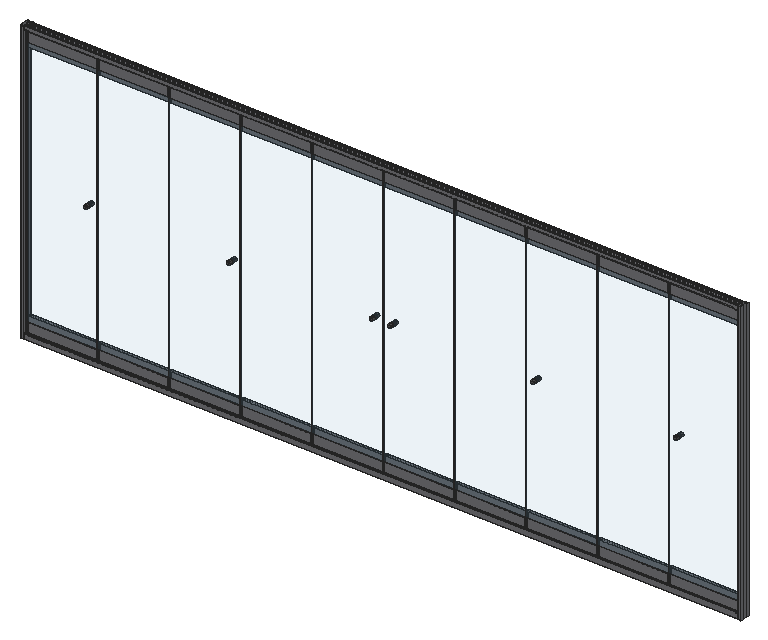
Revit family "QFL10 2380", category Doors, host Wall, Revit 2024
Family settings
  Host = Wall
  OmniClass Number = 23.30.10.00
  OmniClass Title = Doors
  Always vertical = Yes
  Cut with Voids When Loaded = No
  Shared = No
  Room Calculation Point = No
Parameters
  Function = Interior
  Frame Projection Ext. = 25 mm
  Frame Projection Int. = 25 mm
  Frame Width = 75 mm
  Height = 2383 mm
  Wall Closure = By host
  Width = 6118 mm
  Define Thermal Properties by = Schematic Type
  Analytic Construction = "<None>"
Reference planes
  plane 1: y = 0
  plane 2 "Center (Left/Right)": x = 0
  plane 3 "Left": x = -3059
  plane 4 "Right": x = 3059
  plane 5: z = 2383
  plane 6 "Exterior": y = 75
  plane 7 "Interior": y = -75
Forms (mm)
  Extrusion 1, solid, material "ALUMINIUM CHAR (TEST)"
    sketch origin (-0.37, 0, 0) x (1, 0, 0) y (0, 1, 0)
      loop
        line (3059.37, 37.5) -> (3029.37, 37.5) -> (3029.37, 34.4) -> (3030.37, 34.4) -> (3030.37, 35.9) -> (3031.87, 35.9) -> (3031.87, 28.3) -> (3030.37, 28.3) -> (3030.37, 29.8) -> (3029.37, 29.8) -> (3029.37, 1.2) -> (3030.37, 1.2) -> (3030.37, 2.7) -> (3031.87, 2.7) -> (3031.87, -4.9) -> (3030.37, -4.9) -> (3030.37, -3.4) -> (3029.37, -3.4) -> (3029.37, -13.1) -> (3025.37, -13.1) -> (3025.37, -11)
        arc (3025.37, -11) -> (3025.224, -10.646) -> (3024.87, -10.5) r 0.5
        line (3024.87, -10.5) -> (3022.12, -10.5) -> (3022.12, -11.5) -> (3023.72, -11.5) -> (3023.72, -13.1) -> (3016.02, -13.1) -> (3016.02, -11.5) -> (3017.62, -11.5) -> (3017.62, -10.5) -> (3014.87, -10.5)
        arc (3014.87, -10.5) -> (3014.517, -10.646) -> (3014.37, -11) r 0.5
        line (3014.37, -11) -> (3014.37, -14.4)
        arc (3014.37, -14.4) -> (3014.517, -14.754) -> (3014.87, -14.9) r 0.5
        line (3014.87, -14.9) -> (3029.37, -14.9) -> (3029.37, -37.5) -> (3059.37, -37.5) -> (3059.37, -22) -> (3057.87, -22) -> (3057.87, -24.5) -> (3054.87, -24.5) -> (3054.87, 24.5) -> (3057.87, 24.5) -> (3057.87, 22) -> (3059.37, 22) -> (3059.37, 37.5)
      loop
        line (3057.37, 26.3) -> (3057.37, 35.5) -> (3033.67, 35.5) -> (3033.67, 27.7)
        arc (3033.67, 27.7) -> (3033.377, 26.993) -> (3032.67, 26.7) r 1
        line (3032.67, 26.7) -> (3031.37, 26.7) -> (3031.37, 4.3) -> (3032.67, 4.3)
        arc (3032.67, 4.3) -> (3033.377, 4.007) -> (3033.67, 3.3) r 1
        line (3033.67, 3.3) -> (3033.67, -5.5)
        arc (3033.67, -5.5) -> (3033.377, -6.207) -> (3032.67, -6.5) r 1
        line (3032.67, -6.5) -> (3031.17, -6.5) -> (3031.17, -35.5) -> (3057.37, -35.5) -> (3057.37, -26.3) -> (3054.47, -26.3)
        arc (3054.47, -26.3) -> (3053.48, -25.89) -> (3053.07, -24.9) r 1.4
        line (3053.07, -24.9) -> (3053.07, 24.9)
        arc (3053.07, 24.9) -> (3053.48, 25.89) -> (3054.47, 26.3) r 1.4
        line (3054.47, 26.3) -> (3057.37, 26.3)
      loop
        line (-3058.63, 37.5) -> (-3058.63, 22) -> (-3057.13, 22) -> (-3057.13, 24.5) -> (-3054.13, 24.5) -> (-3054.13, -24.5) -> (-3057.13, -24.5) -> (-3057.13, -22) -> (-3058.63, -22) -> (-3058.63, -37.5) -> (-3028.63, -37.5) -> (-3028.63, -14.9) -> (-3014.13, -14.9)
        arc (-3014.13, -14.9) -> (-3013.776, -14.754) -> (-3013.63, -14.4) r 0.5
        line (-3013.63, -14.4) -> (-3013.63, -11)
        arc (-3013.63, -11) -> (-3013.776, -10.646) -> (-3014.13, -10.5) r 0.5
        line (-3014.13, -10.5) -> (-3016.88, -10.5) -> (-3016.88, -11.5) -> (-3015.28, -11.5) -> (-3015.28, -13.1) -> (-3022.98, -13.1) -> (-3022.98, -11.5) -> (-3021.38, -11.5) -> (-3021.38, -10.5) -> (-3024.13, -10.5)
        arc (-3024.13, -10.5) -> (-3024.483, -10.646) -> (-3024.63, -11) r 0.5
        line (-3024.63, -11) -> (-3024.63, -13.1) -> (-3028.63, -13.1) -> (-3028.63, -3.4) -> (-3029.63, -3.4) -> (-3029.63, -4.9) -> (-3031.13, -4.9) -> (-3031.13, 2.7) -> (-3029.63, 2.7) -> (-3029.63, 1.2) -> (-3028.63, 1.2) -> (-3028.63, 29.8) -> (-3029.63, 29.8) -> (-3029.63, 28.3) -> (-3031.13, 28.3) -> (-3031.13, 35.9) -> (-3029.63, 35.9) -> (-3029.63, 34.4) -> (-3028.63, 34.4) -> (-3028.63, 37.5) -> (-3058.63, 37.5)
      loop
        line (-3056.63, 26.3) -> (-3053.73, 26.3)
        arc (-3053.73, 26.3) -> (-3052.74, 25.89) -> (-3052.33, 24.9) r 1.4
        line (-3052.33, 24.9) -> (-3052.33, -24.9)
        arc (-3052.33, -24.9) -> (-3052.74, -25.89) -> (-3053.73, -26.3) r 1.4
        line (-3053.73, -26.3) -> (-3056.63, -26.3) -> (-3056.63, -35.5) -> (-3030.43, -35.5) -> (-3030.43, -6.5) -> (-3031.93, -6.5)
        arc (-3031.93, -6.5) -> (-3032.637, -6.207) -> (-3032.93, -5.5) r 1
        line (-3032.93, -5.5) -> (-3032.93, 3.3)
        arc (-3032.93, 3.3) -> (-3032.637, 4.007) -> (-3031.93, 4.3) r 1
        line (-3031.93, 4.3) -> (-3030.63, 4.3) -> (-3030.63, 26.7) -> (-3031.93, 26.7)
        arc (-3031.93, 26.7) -> (-3032.637, 26.993) -> (-3032.93, 27.7) r 1
        line (-3032.93, 27.7) -> (-3032.93, 35.5) -> (-3056.63, 35.5) -> (-3056.63, 26.3)
    from 0 to 2383
  Extrusion 2, solid, material "ALUMINIUM CHAR (TEST)"
    sketch origin (-943.37, 0, 0) x (0, -1, 0) y (0, 0, 1)
      loop
        line (-36.55, 18) -> (-36.55, 20.5) -> (-37.5, 20.5) -> (-37.5, 0) -> (-35.5, 0) -> (-35.5, 2) -> (-13.5, 2) -> (-13.5, 0) -> (-11.5, 0) -> (-11.5, 2) -> (10.5, 2) -> (10.5, 0) -> (12.5, 0) -> (12.5, 2) -> (35.5, 2) -> (35.5, 0) -> (37.5, 0) -> (37.5, 44.5)
        arc (37.5, 44.5) -> (37.354, 44.854) -> (37, 45) r 0.5
        line (37, 45) -> (32.199, 45) -> (31.492, 44.5) -> (26.524, 44.5) -> (25.817, 45) -> (22.199, 45) -> (21.492, 44.5) -> (16.524, 44.5) -> (15.817, 44.999) -> (11.001, 44.999)
        arc (11.001, 44.999) -> (10.648, 44.853) -> (10.502, 44.501) r 0.499
        line (10.502, 44.501) -> (10.502, 41.75) -> (11.5, 41.75) -> (11.5, 43.35) -> (13.1, 43.35) -> (13.1, 35.65) -> (11.5, 35.65) -> (11.5, 37.25) -> (10.5, 37.25) -> (10.5, 11.9)
        arc (10.5, 11.9) -> (10.061, 10.839) -> (9, 10.4) r 1.5
        line (9, 10.4) -> (3, 10.4)
        arc (3, 10.4) -> (1.939, 10.839) -> (1.5, 11.9) r 1.5
        line (1.5, 11.9) -> (1.5, 20)
        arc (1.5, 20) -> (0.851, 21.475) -> (-0.674, 21.992) r 2
        line (-0.674, 21.992) -> (-9.95, 20.504) -> (-9.95, 18) -> (-36.55, 18)
      loop
        line (10.5, 4.2) -> (10.5, 8.4) -> (3, 8.4)
        arc (3, 8.4) -> (0.525, 9.425) -> (-0.5, 11.9) r 3.5
        line (-0.5, 11.9) -> (-0.5, 20.057) -> (-7.95, 18.629) -> (-7.95, 16) -> (-35.5, 16) -> (-35.5, 4.2) -> (10.5, 4.2)
      loop
        line (12.5, 4.2) -> (35.5, 4.2) -> (35.5, 43) -> (15.1, 43) -> (15.1, 34) -> (12.5, 34) -> (12.5, 4.2)
      loop
        arc (-37.5, 2354) -> (-37.207, 2353.293) -> (-36.5, 2353) r 1
        line (-36.5, 2353) -> (-34.25, 2353) -> (-34.25, 2354) -> (-35.85, 2354) -> (-35.85, 2355.6) -> (-28.15, 2355.6) -> (-28.15, 2354) -> (-29.75, 2354) -> (-29.75, 2353) -> (-25.9, 2353)
        arc (-25.9, 2353) -> (-24.486, 2353.586) -> (-23.9, 2355) r 2
        line (-23.9, 2355) -> (-23.9, 2376.2)
        arc (-23.9, 2376.2) -> (-23.754, 2376.554) -> (-23.4, 2376.7) r 0.5
        line (-23.4, 2376.7) -> (-6.85, 2376.7) -> (-6.85, 2355)
        arc (-6.85, 2355) -> (-6.264, 2353.586) -> (-4.85, 2353) r 2
        line (-4.85, 2353) -> (13.1, 2353) -> (13.1, 2349) -> (11, 2349)
        arc (11, 2349) -> (10.646, 2348.854) -> (10.5, 2348.5) r 0.5
        line (10.5, 2348.5) -> (10.5, 2345.75) -> (11.5, 2345.75) -> (11.5, 2347.35) -> (13.1, 2347.35) -> (13.1, 2339.65) -> (11.5, 2339.65) -> (11.5, 2341.25) -> (10.5, 2341.25) -> (10.5, 2338.5)
        arc (10.5, 2338.5) -> (10.646, 2338.146) -> (11, 2338) r 0.5
        line (11, 2338) -> (14.4, 2338)
        arc (14.4, 2338) -> (14.754, 2338.146) -> (14.9, 2338.5) r 0.5
        line (14.9, 2338.5) -> (14.9, 2353) -> (36.5, 2353)
        arc (36.5, 2353) -> (37.207, 2353.293) -> (37.5, 2354) r 1
        line (37.5, 2354) -> (37.5, 2383) -> (22, 2383) -> (22, 2381.5) -> (24.5, 2381.5) -> (24.5, 2378.5) -> (-24.5, 2378.5) -> (-24.5, 2381.5) -> (-22, 2381.5) -> (-22, 2383) -> (-25.4, 2383)
        arc (-25.4, 2383) -> (-26.107, 2382.707) -> (-26.4, 2382) r 1
        line (-26.4, 2382) -> (-26.4, 2370.5)
        arc (-26.4, 2370.5) -> (-26.546, 2370.146) -> (-26.9, 2370) r 0.5
        line (-26.9, 2370) -> (-35, 2370)
        arc (-35, 2370) -> (-35.354, 2370.146) -> (-35.5, 2370.5) r 0.5
        line (-35.5, 2370.5) -> (-35.5, 2380.5)
        arc (-35.5, 2380.5) -> (-35.354, 2380.854) -> (-35, 2381) r 0.5
        line (-35, 2381) -> (-33.5, 2381) -> (-33.5, 2383) -> (-36.5, 2383)
        arc (-36.5, 2383) -> (-37.207, 2382.707) -> (-37.5, 2382) r 1
        line (-37.5, 2382) -> (-37.5, 2354)
      loop
        line (35.5, 2355) -> (35.5, 2381) -> (26.3, 2381) -> (26.3, 2378.1)
        arc (26.3, 2378.1) -> (25.89, 2377.11) -> (24.9, 2376.7) r 1.4
        line (24.9, 2376.7) -> (-4.85, 2376.7) -> (-4.85, 2355.5)
        arc (-4.85, 2355.5) -> (-4.704, 2355.146) -> (-4.35, 2355) r 0.5
        line (-4.35, 2355) -> (35.5, 2355)
      loop
        line (-26.4, 2357.2) -> (-26.4, 2367.5)
        arc (-26.4, 2367.5) -> (-26.546, 2367.854) -> (-26.9, 2368) r 0.5
        line (-26.9, 2368) -> (-35, 2368)
        arc (-35, 2368) -> (-35.354, 2367.854) -> (-35.5, 2367.5) r 0.5
        line (-35.5, 2367.5) -> (-35.5, 2357.2) -> (-26.4, 2357.2)
    from -3972.37 to 2085.63
  Extrusion 3, solid, material "ALUMINIUM CHAR (TEST)"
    sketch origin (597, 0, 0) x (0, -1, 0) y (0, 0, 1)
      loop
        line (10.504, 2344) -> (8.704, 2344) -> (8.704, 2342) -> (5.604, 2342) -> (5.604, 2340.4) -> (8.754, 2340.4) -> (8.754, 2328.033) -> (8.2, 2326.985) -> (8.2, 2324) -> (-31.196, 2324) -> (-31.196, 2326.92) -> (-31.705, 2327.883) -> (-31.705, 2340.4) -> (-28.596, 2340.4) -> (-28.596, 2342) -> (-31.696, 2342) -> (-31.696, 2344) -> (-33.496, 2344) -> (-33.496, 2219) -> (-23.496, 2209) -> (2.504, 2209) -> (2.504, 2254) -> (10.504, 2254) -> (10.504, 2344)
      loop
        line (8.714, 2256) -> (8.714, 2322.2) -> (-31.705, 2322.2) -> (-31.705, 2220.038) -> (-22.467, 2210.8) -> (0.504, 2210.8) -> (0.504, 2256) -> (8.714, 2256)
      loop
        line (10.504, 31) -> (10.504, 121) -> (2.504, 121) -> (2.504, 166) -> (-23.496, 166) -> (-33.496, 156) -> (-33.496, 31) -> (-31.696, 31) -> (-31.696, 33) -> (-28.596, 33) -> (-28.596, 34.6) -> (-31.705, 34.6) -> (-31.705, 47.117) -> (-31.196, 48.08) -> (-31.196, 51) -> (8.2, 51) -> (8.2, 48.015) -> (8.754, 46.967) -> (8.754, 34.6) -> (5.604, 34.6) -> (5.604, 33) -> (8.704, 33) -> (8.704, 31) -> (10.504, 31)
      loop
        line (8.714, 119) -> (0.504, 119) -> (0.504, 164.2) -> (-22.467, 164.2) -> (-31.705, 154.962) -> (-31.705, 52.8) -> (8.714, 52.8) -> (8.714, 119)
    from -1 to 589
  Extrusion 4, solid, material "ALUMINIUM CHAR (TEST)"
    sketch origin (598, 0, 0) x (0, -1, 0) y (0, 0, -1)
      loop
        line (-33.496, -156) -> (-23.496, -166) -> (2.504, -166) -> (2.504, -121) -> (10.504, -121) -> (10.504, -31) -> (5.604, -31) -> (5.604, -51) -> (-28.596, -51) -> (-28.596, -31) -> (-33.496, -31) -> (-33.496, -156)
      loop
        line (-33.496, -2344) -> (-28.596, -2344) -> (-28.596, -2324) -> (5.604, -2324) -> (5.604, -2344) -> (10.504, -2344) -> (10.504, -2254) -> (2.504, -2254) -> (2.504, -2209) -> (-23.496, -2209) -> (-33.496, -2219) -> (-33.496, -2344)
    from 0 to 5
  Extrusion 5, solid, material "ALUMINIUM CHAR (TEST)"
    sketch origin (8, 0, 0) x (0, -1, 0) y (0, 0, 1)
      loop
        line (-33.496, 156) -> (-33.496, 31) -> (-28.596, 31) -> (-28.596, 51) -> (5.604, 51) -> (5.604, 31) -> (10.504, 31) -> (10.504, 121) -> (2.504, 121) -> (2.504, 166) -> (-23.496, 166) -> (-33.496, 156)
      loop
        line (-33.496, 2344) -> (-33.496, 2219) -> (-23.496, 2209) -> (2.504, 2209) -> (2.504, 2254) -> (10.504, 2254) -> (10.504, 2344) -> (5.604, 2344) -> (5.604, 2324) -> (-28.596, 2324) -> (-28.596, 2344) -> (-33.496, 2344)
    from 0 to 5
  Extrusion 6, solid, material "ALUMINIUM CHAR (TEST)"
    sketch origin (1203, 0, 0) x (0, -1, 0) y (0, 0, 1)
      loop
        line (10.504, 2344) -> (8.704, 2344) -> (8.704, 2342) -> (5.604, 2342) -> (5.604, 2340.4) -> (8.754, 2340.4) -> (8.754, 2328.033) -> (8.2, 2326.985) -> (8.2, 2324) -> (-31.196, 2324) -> (-31.196, 2326.92) -> (-31.705, 2327.883) -> (-31.705, 2340.4) -> (-28.596, 2340.4) -> (-28.596, 2342) -> (-31.696, 2342) -> (-31.696, 2344) -> (-33.496, 2344) -> (-33.496, 2219) -> (-23.496, 2209) -> (2.504, 2209) -> (2.504, 2254) -> (10.504, 2254) -> (10.504, 2344)
      loop
        line (8.714, 2256) -> (8.714, 2322.2) -> (-31.705, 2322.2) -> (-31.705, 2220.038) -> (-22.467, 2210.8) -> (0.504, 2210.8) -> (0.504, 2256) -> (8.714, 2256)
      loop
        line (10.504, 31) -> (10.504, 121) -> (2.504, 121) -> (2.504, 166) -> (-23.496, 166) -> (-33.496, 156) -> (-33.496, 31) -> (-31.696, 31) -> (-31.696, 33) -> (-28.596, 33) -> (-28.596, 34.6) -> (-31.705, 34.6) -> (-31.705, 47.117) -> (-31.196, 48.08) -> (-31.196, 51) -> (8.2, 51) -> (8.2, 48.015) -> (8.754, 46.967) -> (8.754, 34.6) -> (5.604, 34.6) -> (5.604, 33) -> (8.704, 33) -> (8.704, 31) -> (10.504, 31)
      loop
        line (8.714, 119) -> (0.504, 119) -> (0.504, 164.2) -> (-22.467, 164.2) -> (-31.705, 154.962) -> (-31.705, 52.8) -> (8.714, 52.8) -> (8.714, 119)
    from -1 to 589
  Extrusion 7, solid, material "ALUMINIUM CHAR (TEST)"
    sketch origin (1204, 0, 0) x (0, -1, 0) y (0, 0, -1)
      loop
        line (-33.496, -156) -> (-23.496, -166) -> (2.504, -166) -> (2.504, -121) -> (10.504, -121) -> (10.504, -31) -> (5.604, -31) -> (5.604, -51) -> (-28.596, -51) -> (-28.596, -31) -> (-33.496, -31) -> (-33.496, -156)
      loop
        line (-33.496, -2344) -> (-28.596, -2344) -> (-28.596, -2324) -> (5.604, -2324) -> (5.604, -2344) -> (10.504, -2344) -> (10.504, -2254) -> (2.504, -2254) -> (2.504, -2209) -> (-23.496, -2209) -> (-33.496, -2219) -> (-33.496, -2344)
    from 0 to 5
  Extrusion 8, solid, material "ALUMINIUM CHAR (TEST)"
    sketch origin (614, 0, 0) x (0, -1, 0) y (0, 0, 1)
      loop
        line (-33.496, 156) -> (-33.496, 31) -> (-28.596, 31) -> (-28.596, 51) -> (5.604, 51) -> (5.604, 31) -> (10.504, 31) -> (10.504, 121) -> (2.504, 121) -> (2.504, 166) -> (-23.496, 166) -> (-33.496, 156)
      loop
        line (-33.496, 2344) -> (-33.496, 2219) -> (-23.496, 2209) -> (2.504, 2209) -> (2.504, 2254) -> (10.504, 2254) -> (10.504, 2344) -> (5.604, 2344) -> (5.604, 2324) -> (-28.596, 2324) -> (-28.596, 2344) -> (-33.496, 2344)
    from 0 to 5
  Extrusion 9, solid, material "ALUMINIUM CHAR (TEST)"
    sketch origin (1809, 0, 0) x (0, -1, 0) y (0, 0, 1)
      loop
        line (10.504, 2344) -> (8.704, 2344) -> (8.704, 2342) -> (5.604, 2342) -> (5.604, 2340.4) -> (8.754, 2340.4) -> (8.754, 2328.033) -> (8.2, 2326.985) -> (8.2, 2324) -> (-31.196, 2324) -> (-31.196, 2326.92) -> (-31.705, 2327.883) -> (-31.705, 2340.4) -> (-28.596, 2340.4) -> (-28.596, 2342) -> (-31.696, 2342) -> (-31.696, 2344) -> (-33.496, 2344) -> (-33.496, 2219) -> (-23.496, 2209) -> (2.504, 2209) -> (2.504, 2254) -> (10.504, 2254) -> (10.504, 2344)
      loop
        line (8.714, 2256) -> (8.714, 2322.2) -> (-31.705, 2322.2) -> (-31.705, 2220.038) -> (-22.467, 2210.8) -> (0.504, 2210.8) -> (0.504, 2256) -> (8.714, 2256)
      loop
        line (10.504, 31) -> (10.504, 121) -> (2.504, 121) -> (2.504, 166) -> (-23.496, 166) -> (-33.496, 156) -> (-33.496, 31) -> (-31.696, 31) -> (-31.696, 33) -> (-28.596, 33) -> (-28.596, 34.6) -> (-31.705, 34.6) -> (-31.705, 47.117) -> (-31.196, 48.08) -> (-31.196, 51) -> (8.2, 51) -> (8.2, 48.015) -> (8.754, 46.967) -> (8.754, 34.6) -> (5.604, 34.6) -> (5.604, 33) -> (8.704, 33) -> (8.704, 31) -> (10.504, 31)
      loop
        line (8.714, 119) -> (0.504, 119) -> (0.504, 164.2) -> (-22.467, 164.2) -> (-31.705, 154.962) -> (-31.705, 52.8) -> (8.714, 52.8) -> (8.714, 119)
    from -1 to 589
  Extrusion 10, solid, material "ALUMINIUM CHAR (TEST)"
    sketch origin (1810, 0, 0) x (0, -1, 0) y (0, 0, -1)
      loop
        line (-33.496, -156) -> (-23.496, -166) -> (2.504, -166) -> (2.504, -121) -> (10.504, -121) -> (10.504, -31) -> (5.604, -31) -> (5.604, -51) -> (-28.596, -51) -> (-28.596, -31) -> (-33.496, -31) -> (-33.496, -156)
      loop
        line (-33.496, -2344) -> (-28.596, -2344) -> (-28.596, -2324) -> (5.604, -2324) -> (5.604, -2344) -> (10.504, -2344) -> (10.504, -2254) -> (2.504, -2254) -> (2.504, -2209) -> (-23.496, -2209) -> (-33.496, -2219) -> (-33.496, -2344)
    from 0 to 5
  Extrusion 11, solid, material "ALUMINIUM CHAR (TEST)"
    sketch origin (1220, 0, 0) x (0, -1, 0) y (0, 0, 1)
      loop
        line (-33.496, 156) -> (-33.496, 31) -> (-28.596, 31) -> (-28.596, 51) -> (5.604, 51) -> (5.604, 31) -> (10.504, 31) -> (10.504, 121) -> (2.504, 121) -> (2.504, 166) -> (-23.496, 166) -> (-33.496, 156)
      loop
        line (-33.496, 2344) -> (-33.496, 2219) -> (-23.496, 2209) -> (2.504, 2209) -> (2.504, 2254) -> (10.504, 2254) -> (10.504, 2344) -> (5.604, 2344) -> (5.604, 2324) -> (-28.596, 2324) -> (-28.596, 2344) -> (-33.496, 2344)
    from 0 to 5
  Extrusion 12, solid, material "ALUMINIUM CHAR (TEST)"
    sketch origin (2415, 0, 0) x (0, -1, 0) y (0, 0, 1)
      loop
        line (10.504, 2344) -> (8.704, 2344) -> (8.704, 2342) -> (5.604, 2342) -> (5.604, 2340.4) -> (8.754, 2340.4) -> (8.754, 2328.033) -> (8.2, 2326.985) -> (8.2, 2324) -> (-31.196, 2324) -> (-31.196, 2326.92) -> (-31.705, 2327.883) -> (-31.705, 2340.4) -> (-28.596, 2340.4) -> (-28.596, 2342) -> (-31.696, 2342) -> (-31.696, 2344) -> (-33.496, 2344) -> (-33.496, 2219) -> (-23.496, 2209) -> (2.504, 2209) -> (2.504, 2254) -> (10.504, 2254) -> (10.504, 2344)
      loop
        line (8.714, 2256) -> (8.714, 2322.2) -> (-31.705, 2322.2) -> (-31.705, 2220.038) -> (-22.467, 2210.8) -> (0.504, 2210.8) -> (0.504, 2256) -> (8.714, 2256)
      loop
        line (10.504, 31) -> (10.504, 121) -> (2.504, 121) -> (2.504, 166) -> (-23.496, 166) -> (-33.496, 156) -> (-33.496, 31) -> (-31.696, 31) -> (-31.696, 33) -> (-28.596, 33) -> (-28.596, 34.6) -> (-31.705, 34.6) -> (-31.705, 47.117) -> (-31.196, 48.08) -> (-31.196, 51) -> (8.2, 51) -> (8.2, 48.015) -> (8.754, 46.967) -> (8.754, 34.6) -> (5.604, 34.6) -> (5.604, 33) -> (8.704, 33) -> (8.704, 31) -> (10.504, 31)
      loop
        line (8.714, 119) -> (0.504, 119) -> (0.504, 164.2) -> (-22.467, 164.2) -> (-31.705, 154.962) -> (-31.705, 52.8) -> (8.714, 52.8) -> (8.714, 119)
    from -1 to 589
  Extrusion 13, solid, material "ALUMINIUM CHAR (TEST)"
    sketch origin (2416, 0, 0) x (0, -1, 0) y (0, 0, -1)
      loop
        line (-33.496, -156) -> (-23.496, -166) -> (2.504, -166) -> (2.504, -121) -> (10.504, -121) -> (10.504, -31) -> (5.604, -31) -> (5.604, -51) -> (-28.596, -51) -> (-28.596, -31) -> (-33.496, -31) -> (-33.496, -156)
      loop
        line (-33.496, -2344) -> (-28.596, -2344) -> (-28.596, -2324) -> (5.604, -2324) -> (5.604, -2344) -> (10.504, -2344) -> (10.504, -2254) -> (2.504, -2254) -> (2.504, -2209) -> (-23.496, -2209) -> (-33.496, -2219) -> (-33.496, -2344)
    from 0 to 5
  Extrusion 14, solid, material "ALUMINIUM CHAR (TEST)"
    sketch origin (1826, 0, 0) x (0, -1, 0) y (0, 0, 1)
      loop
        line (-33.496, 156) -> (-33.496, 31) -> (-28.596, 31) -> (-28.596, 51) -> (5.604, 51) -> (5.604, 31) -> (10.504, 31) -> (10.504, 121) -> (2.504, 121) -> (2.504, 166) -> (-23.496, 166) -> (-33.496, 156)
      loop
        line (-33.496, 2344) -> (-33.496, 2219) -> (-23.496, 2209) -> (2.504, 2209) -> (2.504, 2254) -> (10.504, 2254) -> (10.504, 2344) -> (5.604, 2344) -> (5.604, 2324) -> (-28.596, 2324) -> (-28.596, 2344) -> (-33.496, 2344)
    from 0 to 5
  Extrusion 15, solid, material "ALUMINIUM CHAR (TEST)"
    sketch origin (-597, 0, 0) x (0, -1, 0) y (0, 0, -1)
      loop
        line (10.504, -2344) -> (10.504, -2254) -> (2.504, -2254) -> (2.504, -2209) -> (-23.496, -2209) -> (-33.496, -2219) -> (-33.496, -2344) -> (-31.696, -2344) -> (-31.696, -2342) -> (-28.596, -2342) -> (-28.596, -2340.4) -> (-31.705, -2340.4) -> (-31.705, -2327.883) -> (-31.196, -2326.92) -> (-31.196, -2324) -> (8.2, -2324) -> (8.2, -2326.985) -> (8.754, -2328.033) -> (8.754, -2340.4) -> (5.604, -2340.4) -> (5.604, -2342) -> (8.704, -2342) -> (8.704, -2344) -> (10.504, -2344)
      loop
        line (8.714, -2256) -> (0.504, -2256) -> (0.504, -2210.8) -> (-22.467, -2210.8) -> (-31.705, -2220.038) -> (-31.705, -2322.2) -> (8.714, -2322.2) -> (8.714, -2256)
      loop
        line (10.504, -31) -> (8.704, -31) -> (8.704, -33) -> (5.604, -33) -> (5.604, -34.6) -> (8.754, -34.6) -> (8.754, -46.967) -> (8.2, -48.015) -> (8.2, -51) -> (-31.196, -51) -> (-31.196, -48.08) -> (-31.705, -47.117) -> (-31.705, -34.6) -> (-28.596, -34.6) -> (-28.596, -33) -> (-31.696, -33) -> (-31.696, -31) -> (-33.496, -31) -> (-33.496, -156) -> (-23.496, -166) -> (2.504, -166) -> (2.504, -121) -> (10.504, -121) -> (10.504, -31)
      loop
        line (8.714, -119) -> (8.714, -52.8) -> (-31.705, -52.8) -> (-31.705, -154.962) -> (-22.467, -164.2) -> (0.504, -164.2) -> (0.504, -119) -> (8.714, -119)
    from -1 to 589
  Extrusion 16, solid, material "ALUMINIUM CHAR (TEST)"
    sketch origin (-598, 0, 0) x (0, -1, 0) y (0, 0, 1)
      loop
        line (-33.496, 156) -> (-33.496, 31) -> (-28.596, 31) -> (-28.596, 51) -> (5.604, 51) -> (5.604, 31) -> (10.504, 31) -> (10.504, 121) -> (2.504, 121) -> (2.504, 166) -> (-23.496, 166) -> (-33.496, 156)
      loop
        line (-33.496, 2344) -> (-33.496, 2219) -> (-23.496, 2209) -> (2.504, 2209) -> (2.504, 2254) -> (10.504, 2254) -> (10.504, 2344) -> (5.604, 2344) -> (5.604, 2324) -> (-28.596, 2324) -> (-28.596, 2344) -> (-33.496, 2344)
    from 0 to 5
  Extrusion 17, solid, material "ALUMINIUM CHAR (TEST)"
    sketch origin (-8, 0, 0) x (0, -1, 0) y (0, 0, -1)
      loop
        line (-33.496, -156) -> (-23.496, -166) -> (2.504, -166) -> (2.504, -121) -> (10.504, -121) -> (10.504, -31) -> (5.604, -31) -> (5.604, -51) -> (-28.596, -51) -> (-28.596, -31) -> (-33.496, -31) -> (-33.496, -156)
      loop
        line (-33.496, -2344) -> (-28.596, -2344) -> (-28.596, -2324) -> (5.604, -2324) -> (5.604, -2344) -> (10.504, -2344) -> (10.504, -2254) -> (2.504, -2254) -> (2.504, -2209) -> (-23.496, -2209) -> (-33.496, -2219) -> (-33.496, -2344)
    from 0 to 5
  Extrusion 18, solid, material "ALUMINIUM CHAR (TEST)"
    sketch origin (-1203, 0, 0) x (0, -1, 0) y (0, 0, -1)
      loop
        line (10.504, -2344) -> (10.504, -2254) -> (2.504, -2254) -> (2.504, -2209) -> (-23.496, -2209) -> (-33.496, -2219) -> (-33.496, -2344) -> (-31.696, -2344) -> (-31.696, -2342) -> (-28.596, -2342) -> (-28.596, -2340.4) -> (-31.705, -2340.4) -> (-31.705, -2327.883) -> (-31.196, -2326.92) -> (-31.196, -2324) -> (8.2, -2324) -> (8.2, -2326.985) -> (8.754, -2328.033) -> (8.754, -2340.4) -> (5.604, -2340.4) -> (5.604, -2342) -> (8.704, -2342) -> (8.704, -2344) -> (10.504, -2344)
      loop
        line (8.714, -2256) -> (0.504, -2256) -> (0.504, -2210.8) -> (-22.467, -2210.8) -> (-31.705, -2220.038) -> (-31.705, -2322.2) -> (8.714, -2322.2) -> (8.714, -2256)
      loop
        line (10.504, -31) -> (8.704, -31) -> (8.704, -33) -> (5.604, -33) -> (5.604, -34.6) -> (8.754, -34.6) -> (8.754, -46.967) -> (8.2, -48.015) -> (8.2, -51) -> (-31.196, -51) -> (-31.196, -48.08) -> (-31.705, -47.117) -> (-31.705, -34.6) -> (-28.596, -34.6) -> (-28.596, -33) -> (-31.696, -33) -> (-31.696, -31) -> (-33.496, -31) -> (-33.496, -156) -> (-23.496, -166) -> (2.504, -166) -> (2.504, -121) -> (10.504, -121) -> (10.504, -31)
      loop
        line (8.714, -119) -> (8.714, -52.8) -> (-31.705, -52.8) -> (-31.705, -154.962) -> (-22.467, -164.2) -> (0.504, -164.2) -> (0.504, -119) -> (8.714, -119)
    from -1 to 589
  Extrusion 19, solid, material "ALUMINIUM CHAR (TEST)"
    sketch origin (-1204, 0, 0) x (0, -1, 0) y (0, 0, 1)
      loop
        line (-33.496, 156) -> (-33.496, 31) -> (-28.596, 31) -> (-28.596, 51) -> (5.604, 51) -> (5.604, 31) -> (10.504, 31) -> (10.504, 121) -> (2.504, 121) -> (2.504, 166) -> (-23.496, 166) -> (-33.496, 156)
      loop
        line (-33.496, 2344) -> (-33.496, 2219) -> (-23.496, 2209) -> (2.504, 2209) -> (2.504, 2254) -> (10.504, 2254) -> (10.504, 2344) -> (5.604, 2344) -> (5.604, 2324) -> (-28.596, 2324) -> (-28.596, 2344) -> (-33.496, 2344)
    from 0 to 5
  Extrusion 20, solid, material "ALUMINIUM CHAR (TEST)"
    sketch origin (-614, 0, 0) x (0, -1, 0) y (0, 0, -1)
      loop
        line (-33.496, -156) -> (-23.496, -166) -> (2.504, -166) -> (2.504, -121) -> (10.504, -121) -> (10.504, -31) -> (5.604, -31) -> (5.604, -51) -> (-28.596, -51) -> (-28.596, -31) -> (-33.496, -31) -> (-33.496, -156)
      loop
        line (-33.496, -2344) -> (-28.596, -2344) -> (-28.596, -2324) -> (5.604, -2324) -> (5.604, -2344) -> (10.504, -2344) -> (10.504, -2254) -> (2.504, -2254) -> (2.504, -2209) -> (-23.496, -2209) -> (-33.496, -2219) -> (-33.496, -2344)
    from 0 to 5
  Extrusion 21, solid, material "ALUMINIUM CHAR (TEST)"
    sketch origin (-1809, 0, 0) x (0, -1, 0) y (0, 0, -1)
      loop
        line (10.504, -2344) -> (10.504, -2254) -> (2.504, -2254) -> (2.504, -2209) -> (-23.496, -2209) -> (-33.496, -2219) -> (-33.496, -2344) -> (-31.696, -2344) -> (-31.696, -2342) -> (-28.596, -2342) -> (-28.596, -2340.4) -> (-31.705, -2340.4) -> (-31.705, -2327.883) -> (-31.196, -2326.92) -> (-31.196, -2324) -> (8.2, -2324) -> (8.2, -2326.985) -> (8.754, -2328.033) -> (8.754, -2340.4) -> (5.604, -2340.4) -> (5.604, -2342) -> (8.704, -2342) -> (8.704, -2344) -> (10.504, -2344)
      loop
        line (8.714, -2256) -> (0.504, -2256) -> (0.504, -2210.8) -> (-22.467, -2210.8) -> (-31.705, -2220.038) -> (-31.705, -2322.2) -> (8.714, -2322.2) -> (8.714, -2256)
      loop
        line (10.504, -31) -> (8.704, -31) -> (8.704, -33) -> (5.604, -33) -> (5.604, -34.6) -> (8.754, -34.6) -> (8.754, -46.967) -> (8.2, -48.015) -> (8.2, -51) -> (-31.196, -51) -> (-31.196, -48.08) -> (-31.705, -47.117) -> (-31.705, -34.6) -> (-28.596, -34.6) -> (-28.596, -33) -> (-31.696, -33) -> (-31.696, -31) -> (-33.496, -31) -> (-33.496, -156) -> (-23.496, -166) -> (2.504, -166) -> (2.504, -121) -> (10.504, -121) -> (10.504, -31)
      loop
        line (8.714, -119) -> (8.714, -52.8) -> (-31.705, -52.8) -> (-31.705, -154.962) -> (-22.467, -164.2) -> (0.504, -164.2) -> (0.504, -119) -> (8.714, -119)
    from -1 to 589
  Extrusion 22, solid, material "ALUMINIUM CHAR (TEST)"
    sketch origin (-1810, 0, 0) x (0, -1, 0) y (0, 0, 1)
      loop
        line (-33.496, 156) -> (-33.496, 31) -> (-28.596, 31) -> (-28.596, 51) -> (5.604, 51) -> (5.604, 31) -> (10.504, 31) -> (10.504, 121) -> (2.504, 121) -> (2.504, 166) -> (-23.496, 166) -> (-33.496, 156)
      loop
        line (-33.496, 2344) -> (-33.496, 2219) -> (-23.496, 2209) -> (2.504, 2209) -> (2.504, 2254) -> (10.504, 2254) -> (10.504, 2344) -> (5.604, 2344) -> (5.604, 2324) -> (-28.596, 2324) -> (-28.596, 2344) -> (-33.496, 2344)
    from 0 to 5
  Extrusion 23, solid, material "ALUMINIUM CHAR (TEST)"
    sketch origin (-1220, 0, 0) x (0, -1, 0) y (0, 0, -1)
      loop
        line (-33.496, -156) -> (-23.496, -166) -> (2.504, -166) -> (2.504, -121) -> (10.504, -121) -> (10.504, -31) -> (5.604, -31) -> (5.604, -51) -> (-28.596, -51) -> (-28.596, -31) -> (-33.496, -31) -> (-33.496, -156)
      loop
        line (-33.496, -2344) -> (-28.596, -2344) -> (-28.596, -2324) -> (5.604, -2324) -> (5.604, -2344) -> (10.504, -2344) -> (10.504, -2254) -> (2.504, -2254) -> (2.504, -2209) -> (-23.496, -2209) -> (-33.496, -2219) -> (-33.496, -2344)
    from 0 to 5
  Extrusion 24, solid, material "ALUMINIUM CHAR (TEST)"
    sketch origin (-2415, 0, 0) x (0, -1, 0) y (0, 0, -1)
      loop
        line (10.504, -2344) -> (10.504, -2254) -> (2.504, -2254) -> (2.504, -2209) -> (-23.496, -2209) -> (-33.496, -2219) -> (-33.496, -2344) -> (-31.696, -2344) -> (-31.696, -2342) -> (-28.596, -2342) -> (-28.596, -2340.4) -> (-31.705, -2340.4) -> (-31.705, -2327.883) -> (-31.196, -2326.92) -> (-31.196, -2324) -> (8.2, -2324) -> (8.2, -2326.985) -> (8.754, -2328.033) -> (8.754, -2340.4) -> (5.604, -2340.4) -> (5.604, -2342) -> (8.704, -2342) -> (8.704, -2344) -> (10.504, -2344)
      loop
        line (8.714, -2256) -> (0.504, -2256) -> (0.504, -2210.8) -> (-22.467, -2210.8) -> (-31.705, -2220.038) -> (-31.705, -2322.2) -> (8.714, -2322.2) -> (8.714, -2256)
      loop
        line (10.504, -31) -> (8.704, -31) -> (8.704, -33) -> (5.604, -33) -> (5.604, -34.6) -> (8.754, -34.6) -> (8.754, -46.967) -> (8.2, -48.015) -> (8.2, -51) -> (-31.196, -51) -> (-31.196, -48.08) -> (-31.705, -47.117) -> (-31.705, -34.6) -> (-28.596, -34.6) -> (-28.596, -33) -> (-31.696, -33) -> (-31.696, -31) -> (-33.496, -31) -> (-33.496, -156) -> (-23.496, -166) -> (2.504, -166) -> (2.504, -121) -> (10.504, -121) -> (10.504, -31)
      loop
        line (8.714, -119) -> (8.714, -52.8) -> (-31.705, -52.8) -> (-31.705, -154.962) -> (-22.467, -164.2) -> (0.504, -164.2) -> (0.504, -119) -> (8.714, -119)
    from -1 to 589
  Extrusion 25, solid, material "ALUMINIUM CHAR (TEST)"
    sketch origin (-2416, 0, 0) x (0, -1, 0) y (0, 0, 1)
      loop
        line (-33.496, 156) -> (-33.496, 31) -> (-28.596, 31) -> (-28.596, 51) -> (5.604, 51) -> (5.604, 31) -> (10.504, 31) -> (10.504, 121) -> (2.504, 121) -> (2.504, 166) -> (-23.496, 166) -> (-33.496, 156)
      loop
        line (-33.496, 2344) -> (-33.496, 2219) -> (-23.496, 2209) -> (2.504, 2209) -> (2.504, 2254) -> (10.504, 2254) -> (10.504, 2344) -> (5.604, 2344) -> (5.604, 2324) -> (-28.596, 2324) -> (-28.596, 2344) -> (-33.496, 2344)
    from 0 to 5
  Extrusion 26, solid, material "ALUMINIUM CHAR (TEST)"
    sketch origin (-1826, 0, 0) x (0, -1, 0) y (0, 0, -1)
      loop
        line (-33.496, -156) -> (-23.496, -166) -> (2.504, -166) -> (2.504, -121) -> (10.504, -121) -> (10.504, -31) -> (5.604, -31) -> (5.604, -51) -> (-28.596, -51) -> (-28.596, -31) -> (-33.496, -31) -> (-33.496, -156)
      loop
        line (-33.496, -2344) -> (-28.596, -2344) -> (-28.596, -2324) -> (5.604, -2324) -> (5.604, -2344) -> (10.504, -2344) -> (10.504, -2254) -> (2.504, -2254) -> (2.504, -2209) -> (-23.496, -2209) -> (-33.496, -2219) -> (-33.496, -2344)
    from 0 to 5
  Extrusion 27, solid, material "ALUMINIUM CHAR (TEST)"
    sketch origin (3021, 0, 0) x (0, -1, 0) y (0, 0, 1)
      loop
        line (10.504, 2344) -> (8.704, 2344) -> (8.704, 2342) -> (5.604, 2342) -> (5.604, 2340.4) -> (8.754, 2340.4) -> (8.754, 2328.033) -> (8.2, 2326.985) -> (8.2, 2324) -> (-31.196, 2324) -> (-31.196, 2326.92) -> (-31.705, 2327.883) -> (-31.705, 2340.4) -> (-28.596, 2340.4) -> (-28.596, 2342) -> (-31.696, 2342) -> (-31.696, 2344) -> (-33.496, 2344) -> (-33.496, 2219) -> (-23.496, 2209) -> (2.504, 2209) -> (2.504, 2254) -> (10.504, 2254) -> (10.504, 2344)
      loop
        line (8.714, 2256) -> (8.714, 2322.2) -> (-31.705, 2322.2) -> (-31.705, 2220.038) -> (-22.467, 2210.8) -> (0.504, 2210.8) -> (0.504, 2256) -> (8.714, 2256)
      loop
        line (10.504, 31) -> (10.504, 121) -> (2.504, 121) -> (2.504, 166) -> (-23.496, 166) -> (-33.496, 156) -> (-33.496, 31) -> (-31.696, 31) -> (-31.696, 33) -> (-28.596, 33) -> (-28.596, 34.6) -> (-31.705, 34.6) -> (-31.705, 47.117) -> (-31.196, 48.08) -> (-31.196, 51) -> (8.2, 51) -> (8.2, 48.015) -> (8.754, 46.967) -> (8.754, 34.6) -> (5.604, 34.6) -> (5.604, 33) -> (8.704, 33) -> (8.704, 31) -> (10.504, 31)
      loop
        line (8.714, 119) -> (0.504, 119) -> (0.504, 164.2) -> (-22.467, 164.2) -> (-31.705, 154.962) -> (-31.705, 52.8) -> (8.714, 52.8) -> (8.714, 119)
    from -1 to 589
  Extrusion 28, solid, material "ALUMINIUM CHAR (TEST)"
    sketch origin (3022, 0, 0) x (0, -1, 0) y (0, 0, -1)
      loop
        line (-33.496, -156) -> (-23.496, -166) -> (2.504, -166) -> (2.504, -121) -> (10.504, -121) -> (10.504, -31) -> (5.604, -31) -> (5.604, -51) -> (-28.596, -51) -> (-28.596, -31) -> (-33.496, -31) -> (-33.496, -156)
      loop
        line (-33.496, -2344) -> (-28.596, -2344) -> (-28.596, -2324) -> (5.604, -2324) -> (5.604, -2344) -> (10.504, -2344) -> (10.504, -2254) -> (2.504, -2254) -> (2.504, -2209) -> (-23.496, -2209) -> (-33.496, -2219) -> (-33.496, -2344)
    from 0 to 5
  Extrusion 29, solid, material "ALUMINIUM CHAR (TEST)"
    sketch origin (2432, 0, 0) x (0, -1, 0) y (0, 0, 1)
      loop
        line (-33.496, 156) -> (-33.496, 31) -> (-28.596, 31) -> (-28.596, 51) -> (5.604, 51) -> (5.604, 31) -> (10.504, 31) -> (10.504, 121) -> (2.504, 121) -> (2.504, 166) -> (-23.496, 166) -> (-33.496, 156)
      loop
        line (-33.496, 2344) -> (-33.496, 2219) -> (-23.496, 2209) -> (2.504, 2209) -> (2.504, 2254) -> (10.504, 2254) -> (10.504, 2344) -> (5.604, 2344) -> (5.604, 2324) -> (-28.596, 2324) -> (-28.596, 2344) -> (-33.496, 2344)
    from 0 to 5
  Extrusion 30, solid, material "ALUMINIUM CHAR (TEST)"
    sketch origin (-3021, 0, 0) x (0, -1, 0) y (0, 0, -1)
      loop
        line (10.504, -2344) -> (10.504, -2254) -> (2.504, -2254) -> (2.504, -2209) -> (-23.496, -2209) -> (-33.496, -2219) -> (-33.496, -2344) -> (-31.696, -2344) -> (-31.696, -2342) -> (-28.596, -2342) -> (-28.596, -2340.4) -> (-31.705, -2340.4) -> (-31.705, -2327.883) -> (-31.196, -2326.92) -> (-31.196, -2324) -> (8.2, -2324) -> (8.2, -2326.985) -> (8.754, -2328.033) -> (8.754, -2340.4) -> (5.604, -2340.4) -> (5.604, -2342) -> (8.704, -2342) -> (8.704, -2344) -> (10.504, -2344)
      loop
        line (8.714, -2256) -> (0.504, -2256) -> (0.504, -2210.8) -> (-22.467, -2210.8) -> (-31.705, -2220.038) -> (-31.705, -2322.2) -> (8.714, -2322.2) -> (8.714, -2256)
      loop
        line (10.504, -31) -> (8.704, -31) -> (8.704, -33) -> (5.604, -33) -> (5.604, -34.6) -> (8.754, -34.6) -> (8.754, -46.967) -> (8.2, -48.015) -> (8.2, -51) -> (-31.196, -51) -> (-31.196, -48.08) -> (-31.705, -47.117) -> (-31.705, -34.6) -> (-28.596, -34.6) -> (-28.596, -33) -> (-31.696, -33) -> (-31.696, -31) -> (-33.496, -31) -> (-33.496, -156) -> (-23.496, -166) -> (2.504, -166) -> (2.504, -121) -> (10.504, -121) -> (10.504, -31)
      loop
        line (8.714, -119) -> (8.714, -52.8) -> (-31.705, -52.8) -> (-31.705, -154.962) -> (-22.467, -164.2) -> (0.504, -164.2) -> (0.504, -119) -> (8.714, -119)
    from -1 to 589
  Extrusion 31, solid, material "Glass"
    sketch origin (-2387, 0, 0) x (0, -1, 0) y (0, 0, -1)
      loop
        line (2.504, -121) -> (2.504, -2254) -> (12.504, -2254) -> (12.504, -121) -> (2.504, -121)
    from -640 to -40
  Extrusion 32, solid, material "ALUMINIUM CHAR (TEST)"
    sketch origin (-3022, 0, 0) x (0, -1, 0) y (0, 0, 1)
      loop
        line (-33.496, 156) -> (-33.496, 31) -> (-28.596, 31) -> (-28.596, 51) -> (5.604, 51) -> (5.604, 31) -> (10.504, 31) -> (10.504, 121) -> (2.504, 121) -> (2.504, 166) -> (-23.496, 166) -> (-33.496, 156)
      loop
        line (-33.496, 2344) -> (-33.496, 2219) -> (-23.496, 2209) -> (2.504, 2209) -> (2.504, 2254) -> (10.504, 2254) -> (10.504, 2344) -> (5.604, 2344) -> (5.604, 2324) -> (-28.596, 2324) -> (-28.596, 2344) -> (-33.496, 2344)
    from 0 to 5
  Extrusion 33, solid, material "ALUMINIUM CHAR (TEST)"
    sketch origin (-2432, 0, 0) x (0, -1, 0) y (0, 0, -1)
      loop
        line (-33.496, -156) -> (-23.496, -166) -> (2.504, -166) -> (2.504, -121) -> (10.504, -121) -> (10.504, -31) -> (5.604, -31) -> (5.604, -51) -> (-28.596, -51) -> (-28.596, -31) -> (-33.496, -31) -> (-33.496, -156)
      loop
        line (-33.496, -2344) -> (-28.596, -2344) -> (-28.596, -2324) -> (5.604, -2324) -> (5.604, -2344) -> (10.504, -2344) -> (10.504, -2254) -> (2.504, -2254) -> (2.504, -2209) -> (-23.496, -2209) -> (-33.496, -2219) -> (-33.496, -2344)
    from 0 to 5
  Revolve 34, solid, material "Metal, Powder Coated, Black"
    sketch origin (2502, -153.753, 169.823) x (0, 1, 0) y (0, 0, 1)
      loop
        line (151.249, 1021.677) -> (181.249, 1021.677) -> (181.249, 1035.677) -> (180.249, 1036.677) -> (164.249, 1036.677) -> (159.249, 1031.677) -> (154.249, 1036.677) -> (151.249, 1036.677) -> (151.249, 1021.677)
      axis (181.249, 1021.677) -> (151.249, 1021.677)
    angle from 0 to 360
  Revolve 35, solid, material "Metal, Powder Coated, Black"
    sketch origin (1290, -153.753, 169.823) x (0, 1, 0) y (0, 0, 1)
      loop
        line (151.249, 1021.677) -> (181.249, 1021.677) -> (181.249, 1035.677) -> (180.249, 1036.677) -> (164.249, 1036.677) -> (159.249, 1031.677) -> (154.249, 1036.677) -> (151.249, 1036.677) -> (151.249, 1021.677)
      axis (181.249, 1021.677) -> (151.249, 1021.677)
    angle from 0 to 360
  Revolve 36, solid, material "Metal, Powder Coated, Black"
    sketch origin (-78, 140.744, 161.823) x (0, -1, 0) y (0, 0, 1)
      loop
        line (151.249, 1029.677) -> (181.249, 1029.677) -> (181.249, 1043.677) -> (180.249, 1044.677) -> (164.249, 1044.677) -> (159.249, 1039.677) -> (154.249, 1044.677) -> (151.249, 1044.677) -> (151.249, 1029.677)
      axis (181.249, 1029.677) -> (151.249, 1029.677)
    angle from 0 to 360
  Revolve 37, solid, material "Metal, Powder Coated, Black"
    sketch origin (78, -153.753, 169.823) x (0, 1, 0) y (0, 0, 1)
      loop
        line (151.249, 1021.677) -> (181.249, 1021.677) -> (181.249, 1035.677) -> (180.249, 1036.677) -> (164.249, 1036.677) -> (159.249, 1031.677) -> (154.249, 1036.677) -> (151.249, 1036.677) -> (151.249, 1021.677)
      axis (181.249, 1021.677) -> (151.249, 1021.677)
    angle from 0 to 360
  Revolve 38, solid, material "Metal, Powder Coated, Black"
    sketch origin (-2502, 140.744, 161.823) x (0, -1, 0) y (0, 0, 1)
      loop
        line (151.249, 1029.677) -> (181.249, 1029.677) -> (181.249, 1043.677) -> (180.249, 1044.677) -> (164.249, 1044.677) -> (159.249, 1039.677) -> (154.249, 1044.677) -> (151.249, 1044.677) -> (151.249, 1029.677)
      axis (181.249, 1029.677) -> (151.249, 1029.677)
    angle from 0 to 360
  Revolve 39, solid, material "Metal, Powder Coated, Black"
    sketch origin (-1290, 140.744, 161.823) x (0, -1, 0) y (0, 0, 1)
      loop
        line (151.249, 1029.677) -> (181.249, 1029.677) -> (181.249, 1043.677) -> (180.249, 1044.677) -> (164.249, 1044.677) -> (159.249, 1039.677) -> (154.249, 1044.677) -> (151.249, 1044.677) -> (151.249, 1029.677)
      axis (181.249, 1029.677) -> (151.249, 1029.677)
    angle from 0 to 360
  Revolve 40, solid, material "Metal, Powder Coated, Black"
    sketch origin (2502, 140.744, -123.177) x (0, -1, 0) y (0, 0, -1)
      loop
        line (151.249, -1314.677) -> (151.249, -1329.677) -> (154.249, -1329.677) -> (159.249, -1324.677) -> (164.249, -1329.677) -> (180.249, -1329.677) -> (181.249, -1328.677) -> (181.249, -1314.677) -> (151.249, -1314.677)
      axis (181.249, -1314.677) -> (151.249, -1314.677)
    angle from 0 to 360
  Revolve 41, solid, material "Metal, Powder Coated, Black"
    sketch origin (1290, 140.744, -123.177) x (0, -1, 0) y (0, 0, -1)
      loop
        line (151.249, -1314.677) -> (151.249, -1329.677) -> (154.249, -1329.677) -> (159.249, -1324.677) -> (164.249, -1329.677) -> (180.249, -1329.677) -> (181.249, -1328.677) -> (181.249, -1314.677) -> (151.249, -1314.677)
      axis (181.249, -1314.677) -> (151.249, -1314.677)
    angle from 0 to 360
  Revolve 42, solid, material "Metal, Powder Coated, Black"
    sketch origin (-78, -153.753, -115.177) x (0, 1, 0) y (0, 0, -1)
      loop
        line (151.249, -1306.677) -> (151.249, -1321.677) -> (154.249, -1321.677) -> (159.249, -1316.677) -> (164.249, -1321.677) -> (180.249, -1321.677) -> (181.249, -1320.677) -> (181.249, -1306.677) -> (151.249, -1306.677)
      axis (181.249, -1306.677) -> (151.249, -1306.677)
    angle from 0 to 360
  Revolve 43, solid, material "Metal, Powder Coated, Black"
    sketch origin (78, 140.744, -123.177) x (0, -1, 0) y (0, 0, -1)
      loop
        line (151.249, -1314.677) -> (151.249, -1329.677) -> (154.249, -1329.677) -> (159.249, -1324.677) -> (164.249, -1329.677) -> (180.249, -1329.677) -> (181.249, -1328.677) -> (181.249, -1314.677) -> (151.249, -1314.677)
      axis (181.249, -1314.677) -> (151.249, -1314.677)
    angle from 0 to 360
  Revolve 44, solid, material "Metal, Powder Coated, Black"
    sketch origin (-2502, -153.753, -115.177) x (0, 1, 0) y (0, 0, -1)
      loop
        line (151.249, -1306.677) -> (151.249, -1321.677) -> (154.249, -1321.677) -> (159.249, -1316.677) -> (164.249, -1321.677) -> (180.249, -1321.677) -> (181.249, -1320.677) -> (181.249, -1306.677) -> (151.249, -1306.677)
      axis (181.249, -1306.677) -> (151.249, -1306.677)
    angle from 0 to 360
  Revolve 45, solid, material "Metal, Powder Coated, Black"
    sketch origin (-1290, -153.753, -115.177) x (0, 1, 0) y (0, 0, -1)
      loop
        line (151.249, -1306.677) -> (151.249, -1321.677) -> (154.249, -1321.677) -> (159.249, -1316.677) -> (164.249, -1321.677) -> (180.249, -1321.677) -> (181.249, -1320.677) -> (181.249, -1306.677) -> (151.249, -1306.677)
      axis (181.249, -1306.677) -> (151.249, -1306.677)
    angle from 0 to 360
  Extrusion 46, solid, material "Glass"
    sketch origin (-1781, 0, 0) x (0, -1, 0) y (0, 0, -1)
      loop
        line (2.504, -121) -> (2.504, -2254) -> (12.504, -2254) -> (12.504, -121) -> (2.504, -121)
    from -640 to -40
  Extrusion 47, solid, material "Glass"
    sketch origin (-1175, 0, 0) x (0, -1, 0) y (0, 0, -1)
      loop
        line (2.504, -121) -> (2.504, -2254) -> (12.504, -2254) -> (12.504, -121) -> (2.504, -121)
    from -640 to -40
  Extrusion 48, solid, material "Glass"
    sketch origin (-569, 0, 0) x (0, -1, 0) y (0, 0, -1)
      loop
        line (2.504, -121) -> (2.504, -2254) -> (12.504, -2254) -> (12.504, -121) -> (2.504, -121)
    from -640 to -40
  Extrusion 49, solid, material "Glass"
    sketch origin (37, 0, 0) x (0, -1, 0) y (0, 0, -1)
      loop
        line (2.504, -121) -> (2.504, -2254) -> (12.504, -2254) -> (12.504, -121) -> (2.504, -121)
    from -640 to -40
  Extrusion 50, solid, material "Glass"
    sketch origin (643, 0, 0) x (0, -1, 0) y (0, 0, -1)
      loop
        line (2.504, -121) -> (2.504, -2254) -> (12.504, -2254) -> (12.504, -121) -> (2.504, -121)
    from -640 to -40
  Extrusion 51, solid, material "Glass"
    sketch origin (1249, 0, 0) x (0, -1, 0) y (0, 0, -1)
      loop
        line (2.504, -121) -> (2.504, -2254) -> (12.504, -2254) -> (12.504, -121) -> (2.504, -121)
    from -640 to -40
  Extrusion 52, solid, material "Glass"
    sketch origin (1855, 0, 0) x (0, -1, 0) y (0, 0, -1)
      loop
        line (2.504, -121) -> (2.504, -2254) -> (12.504, -2254) -> (12.504, -121) -> (2.504, -121)
    from -640 to -40
  Extrusion 53, solid, material "Glass"
    sketch origin (2461, 0, 0) x (0, -1, 0) y (0, 0, -1)
      loop
        line (2.504, -121) -> (2.504, -2254) -> (12.504, -2254) -> (12.504, -121) -> (2.504, -121)
    from -640 to -40
  Extrusion 54, solid, material "Glass"
    sketch origin (3067, 0, 0) x (0, -1, 0) y (0, 0, -1)
      loop
        line (2.504, -121) -> (2.504, -2254) -> (12.504, -2254) -> (12.504, -121) -> (2.504, -121)
    from -640 to -40
Lines and regions (mm)
  Opening 1
    outline origin (-3050, -75, 0) x (1, 0, 0) y (0, 0, 1)
      loop
        line (-9, 0) -> (6109, 0) -> (6109, 2383) -> (-9, 2383) -> (-9, 0)
  model lines
    curve 1: line (198.802, 75, 1191.5) -> (373.802, 75, 1191.5)
    curve 2: line (512.879, 75, 1191.5) -> (373.802, 75, 1247.691)
    curve 3: line (373.802, 75, 1247.691) -> (373.802, 75, 1135.309)
    curve 4: line (512.879, 75, 1191.5) -> (373.802, 75, 1135.309)
    curve 5: line (804.802, 75, 1191.5) -> (979.802, 75, 1191.5)
    curve 6: line (1118.879, 75, 1191.5) -> (979.802, 75, 1247.691)
    curve 7: line (979.802, 75, 1247.691) -> (979.802, 75, 1135.309)
    curve 8: line (1118.879, 75, 1191.5) -> (979.802, 75, 1135.309)
    curve 9: line (1410.802, 75, 1191.5) -> (1585.802, 75, 1191.5)
    curve 10: line (1724.879, 75, 1191.5) -> (1585.802, 75, 1247.691)
    curve 11: line (1585.802, 75, 1247.691) -> (1585.802, 75, 1135.309)
    curve 12: line (1724.879, 75, 1191.5) -> (1585.802, 75, 1135.309)
    curve 13: line (2618.802, 75, 1191.5) -> (2793.802, 75, 1191.5)
    curve 14: line (2932.879, 75, 1191.5) -> (2793.802, 75, 1247.691)
    curve 15: line (2793.802, 75, 1247.691) -> (2793.802, 75, 1135.309)
    curve 16: line (2932.879, 75, 1191.5) -> (2793.802, 75, 1135.309)
    curve 17: line (-1406.802, 75, 1191.5) -> (-1581.802, 75, 1191.5)
    curve 18: line (-1720.879, 75, 1191.5) -> (-1581.802, 75, 1247.691)
    curve 19: line (-1581.802, 75, 1247.691) -> (-1581.802, 75, 1135.309)
    curve 20: line (-1720.879, 75, 1191.5) -> (-1581.802, 75, 1135.309)
    curve 21: line (-2012.802, 75, 1191.5) -> (-2187.802, 75, 1191.5)
    curve 22: line (-2326.879, 75, 1191.5) -> (-2187.802, 75, 1247.691)
    curve 23: line (-2187.802, 75, 1247.691) -> (-2187.802, 75, 1135.309)
    curve 24: line (-2326.879, 75, 1191.5) -> (-2187.802, 75, 1135.309)
    curve 25: line (-2618.802, 75, 1191.5) -> (-2793.802, 75, 1191.5)
    curve 26: line (-2932.879, 75, 1191.5) -> (-2793.802, 75, 1247.691)
    curve 27: line (-2793.802, 75, 1247.691) -> (-2793.802, 75, 1135.309)
    curve 28: line (-2932.879, 75, 1191.5) -> (-2793.802, 75, 1135.309)
    curve 29: line (2016.802, 75, 1191.5) -> (2191.802, 75, 1191.5)
    curve 30: line (2330.879, 75, 1191.5) -> (2191.802, 75, 1247.691)
    curve 31: line (2191.802, 75, 1247.691) -> (2191.802, 75, 1135.309)
    curve 32: line (2330.879, 75, 1191.5) -> (2191.802, 75, 1135.309)
    curve 33: line (-194.802, 75, 1191.5) -> (-369.802, 75, 1191.5)
    curve 34: line (-508.879, 75, 1191.5) -> (-369.802, 75, 1247.691)
    curve 35: line (-369.802, 75, 1247.691) -> (-369.802, 75, 1135.309)
    curve 36: line (-508.879, 75, 1191.5) -> (-369.802, 75, 1135.309)
    curve 37: line (-800.802, 75, 1191.5) -> (-975.802, 75, 1191.5)
    curve 38: line (-1114.879, 75, 1191.5) -> (-975.802, 75, 1247.691)
    curve 39: line (-975.802, 75, 1247.691) -> (-975.802, 75, 1135.309)
    curve 40: line (-1114.879, 75, 1191.5) -> (-975.802, 75, 1135.309)
    curve 41: line (-3034.39, 59.5, 0) -> (-2762.105, 531.111, 0)
    curve 42: line (-2996.285, 37.5, 0) -> (-2724, 509.111, 0)
    curve 43: line (-2724, 509.111, 0) -> (-2451.715, 37.5, 0)
    curve 44: line (-2685.895, 531.111, 0) -> (-2413.61, 59.5, 0)
    curve 45: line (-2724, 509.111, 0) -> (-2762.105, 531.111, 0)
    curve 46: line (-2724, 509.111, 0) -> (-2685.895, 531.111, 0)
    curve 47: line (-2996.285, 37.5, 0) -> (-3034.39, 59.5, 0)
    curve 48: line (-2451.715, 37.5, 0) -> (-2413.61, 59.5, 0)
    curve 49: line (-2103.22, 509.111, 0) -> (-2375.505, 37.5, 0)
    curve 50: line (-2141.326, 531.111, 0) -> (-2413.61, 59.5, 0)
    curve 51: line (-2103.22, 509.111, 0) -> (-2141.326, 531.111, 0)
    curve 52: line (-2375.505, 37.5, 0) -> (-2413.61, 59.5, 0)
    curve 53: line (-1482.441, 509.111, 0) -> (-1754.726, 37.5, 0)
    curve 54: line (-1520.546, 531.111, 0) -> (-1792.831, 59.5, 0)
    curve 55: line (-1482.441, 509.111, 0) -> (-1520.546, 531.111, 0)
    curve 56: line (-1754.726, 37.5, 0) -> (-1792.831, 59.5, 0)
    curve 57: line (-2103.22, 509.111, 0) -> (-1830.936, 37.5, 0)
    curve 58: line (-2065.115, 531.111, 0) -> (-1792.831, 59.5, 0)
    curve 59: line (-2103.22, 509.111, 0) -> (-2065.115, 531.111, 0)
    curve 60: line (-1830.936, 37.5, 0) -> (-1792.831, 59.5, 0)
    curve 61: line (3034.39, 59.5, 0) -> (2762.105, 531.111, 0)
    curve 62: line (2996.285, 37.5, 0) -> (2724, 509.111, 0)
    curve 63: line (2724, 509.111, 0) -> (2451.715, 37.5, 0)
    curve 64: line (2685.895, 531.111, 0) -> (2413.61, 59.5, 0)
    curve 65: line (2724, 509.111, 0) -> (2762.105, 531.111, 0)
    curve 66: line (2724, 509.111, 0) -> (2685.895, 531.111, 0)
    curve 67: line (2996.285, 37.5, 0) -> (3034.39, 59.5, 0)
    curve 68: line (2451.715, 37.5, 0) -> (2413.61, 59.5, 0)
    curve 69: line (2103.22, 509.111, 0) -> (2375.505, 37.5, 0)
    curve 70: line (2141.326, 531.111, 0) -> (2413.61, 59.5, 0)
    curve 71: line (2103.22, 509.111, 0) -> (2141.326, 531.111, 0)
    curve 72: line (2375.505, 37.5, 0) -> (2413.61, 59.5, 0)
    curve 73: line (1482.441, 509.111, 0) -> (1754.726, 37.5, 0)
    curve 74: line (1520.546, 531.111, 0) -> (1792.831, 59.5, 0)
    curve 75: line (1482.441, 509.111, 0) -> (1520.546, 531.111, 0)
    curve 76: line (1754.726, 37.5, 0) -> (1792.831, 59.5, 0)
    curve 77: line (2103.22, 509.111, 0) -> (1830.936, 37.5, 0)
    curve 78: line (2065.115, 531.111, 0) -> (1792.831, 59.5, 0)
    curve 79: line (2103.22, 509.111, 0) -> (2065.115, 531.111, 0)
    curve 80: line (1830.936, 37.5, 0) -> (1792.831, 59.5, 0)
Text (mm)
  text "Exterior" at (-2295.016, 1099.543, 0), in view "Ref. Level"
  text "Exterior" at (0, 1615.38, 3698.081), in view "Left"
  text "Exterior" at (0, 1036.032, 3874.932), in view "Right"
Dimensions and locks
  equal spacing: plane 3 "Left", plane 2 "Center (Left/Right)", plane 4 "Right"
  "Width": plane 3 "Left" to plane 4 "Right"
  "Height": plane 5 to host wall
  host wall to plane 5 = 2383 mm  (x2)
  locked: plane 6 "Exterior" to host wall
  locked: plane 7 "Interior" to host wall
  plane 3 "Left" to plane 4 "Right" = 6118 mm
  aligned and locked: plane 3 "Left" to Opening 1 sketch curve
  aligned and locked: plane 5 to Opening 1 sketch curve  (x2)
  aligned and locked: Opening 1 sketch curve to plane 4 "Right"
  aligned and locked: Opening 1 sketch curve to level
  aligned and locked: host wall to plane 1
Automatic sketch dimensions
  curve 26 to plane 3 "Left" = 126.121 mm
  curve 26 to curve 26 = 139.078 mm
  curve 25 to curve 22 = 466.922 mm
  curve 22 to curve 22 = 139.078 mm
  curve 21 to curve 18 = 466.922 mm
  curve 18 to curve 18 = 139.078 mm
  curve 17 to curve 40 = 466.922 mm
  curve 38 to curve 39 = 139.078 mm
  curve 37 to curve 34 = 466.922 mm
  curve 34 to curve 35 = 139.078 mm
  plane 2 "Center (Left/Right)" to curve 2 = 373.802 mm
  curve 1 to curve 2 = 139.078 mm
  curve 2 to curve 7 = 466.922 mm
  curve 5 to curve 6 = 139.078 mm
  curve 6 to curve 11 = 466.922 mm
  curve 9 to curve 10 = 139.078 mm
  curve 10 to curve 30 = 466.922 mm
  curve 29 to curve 32 = 139.078 mm
  plane 4 "Right" to curve 14 = 265.198 mm
  plane 4 "Right" to curve 16 = 126.121 mm
  level to curve 40 = 1135.309 mm
  level to curve 27 = 1135.309 mm
  level to curve 31 = 1135.309 mm
  curve 24 to curve 27 = 0 mm
  level to curve 3 = 1135.309 mm
  curve 20 to curve 23 = 0 mm
  curve 16 to curve 31 = 0 mm
  curve 7 to curve 3 = 0 mm
  curve 35 to curve 39 = 0 mm
  curve 12 to curve 7 = 0 mm
  curve 11 to curve 10 = 56.191 mm
  curve 15 to curve 14 = 56.191 mm
  curve 35 to curve 36 = 56.191 mm
  curve 7 to curve 8 = 56.191 mm
  curve 39 to curve 38 = 56.191 mm
  curve 19 to curve 18 = 56.191 mm
  curve 23 to curve 22 = 56.191 mm
  curve 3 to curve 4 = 56.191 mm
  curve 27 to curve 26 = 56.191 mm
  curve 31 to curve 32 = 56.191 mm
  curve 31 to curve 31 = 112.382 mm
  curve 27 to curve 27 = 112.382 mm
  curve 23 to curve 23 = 112.382 mm
  curve 19 to curve 19 = 112.382 mm
  curve 35 to curve 34 = 112.382 mm
  curve 15 to curve 15 = 112.382 mm
  curve 11 to curve 11 = 112.382 mm
  curve 7 to curve 7 = 112.382 mm
  curve 39 to curve 38 = 112.382 mm
  curve 3 to curve 3 = 112.382 mm
  curve 25 to curve 25 = 175 mm
  curve 21 to curve 21 = 175 mm
  curve 17 to curve 17 = 175 mm
  curve 37 to curve 37 = 175 mm
  curve 33 to curve 33 = 175 mm
  curve 1 to curve 1 = 175 mm
  curve 5 to curve 5 = 175 mm
  curve 9 to curve 9 = 175 mm
  curve 29 to curve 29 = 175 mm
  curve 13 to curve 13 = 175 mm
  curve 9 to curve 10 = 56.191 mm
  curve 13 to curve 14 = 56.191 mm
  curve 37 to curve 38 = 56.191 mm
  curve 17 to curve 18 = 56.191 mm
  curve 33 to curve 34 = 56.191 mm
  curve 5 to curve 6 = 56.191 mm
  curve 21 to curve 22 = 56.191 mm
  curve 25 to curve 26 = 56.191 mm
  curve 1 to curve 2 = 56.191 mm
  curve 29 to curve 30 = 56.191 mm
  Extrusion 1 sketch curve to plane 3 "Left" = 0 mm  (x2)
  Extrusion 1 sketch curve to plane 4 "Right" = 0 mm  (x2)
  Extrusion 1 sketch curve to plane 3 "Left" = 1.5 mm  (x2)
  Extrusion 1 sketch curve to Extrusion 1 sketch curve = 0.5 mm  (x9)
  Extrusion 1 sketch curve to plane 3 "Left" = 2 mm
